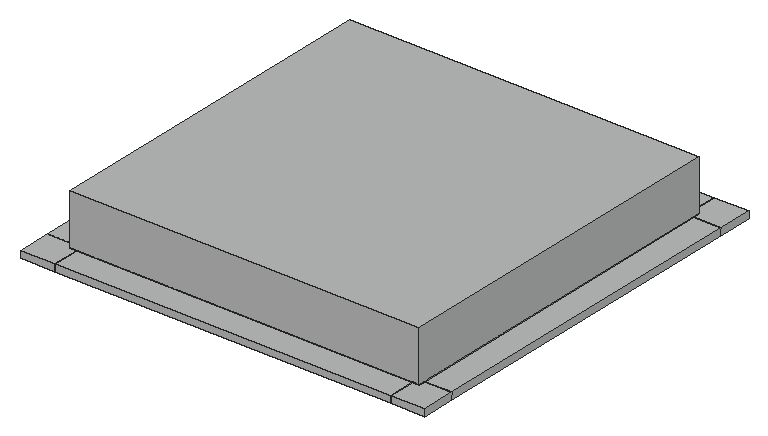
Revit family "ALUMOGIPS", category Осветительные приборы, Revit 2019 (continued)
Types (72, lengths in mm): name | Файл фотометрической сетки | built-in parameter 1150105 | Lumens | built-in parameter 1150106 | built-in parameter 1150142 | Wattage | Emit from Rectangle Width | Emit from Rectangle Length | Длина | Материал светильника | Ширина | ADSK_Ток | ADSK_Полная мощность | ADSK_Обозначение | ADSK_Номинальная мощность | ADSK_Наименование | ADSK_Масса | ADSK_Код изделия
  Alumogips-38/opal-sand 295х1195 (IP54, 4000К, белый) c БАП на 1 час | "Светильник ALUMOGIPS-38 OPAL-SAND-(295x1195).ies" | 302.39 (stored number, unit not read) | 3800 lm | 3.0239 (stored number, unit not read) | "IESNA:LM-63-1995\r\n[TEST] Протокол №334/16 от 03.11.2016г. Испытательная лаборатория Государственного предприятия \"ЦСОТ НАН Беларуси\"\r\n[MORE] FFFFFFFD255B12BA015C13F525FB5F2F2\r\n[DATA] 02.11.2016\r\n[MANUFAC] ЗАО \"Центрстройсвет\"\r\n[LUMCAT] Светильник ALUMOGIPS-38/OPAL-SAND-(295X1195)\r\n[LUMINAIRE] офисное освещение\r\n[LAMP] \r\nTILT=NONE\r\n1    -1.0   1.000 91 181 1 2   .295   1.195   0.04\r\n1.0  1.0   37.90\r\n0.0 2.0 4.0 6.0 8.0 10.0 12.0 14.0 16.0 18.0 20.0 22.0 24.0 26.0 28.0 30.0 32.0 34.0 36.0 38.0 40.0 42.0 44.0 46.0 48.0 50.0 52.0 54.0 56.0 58.0 60.0 62.0 64.0 66.0 68.0 70.0 72.0 74.0 76.0 78.0 80.0 82.0 84.0 86.0 88.0 90.0 92.0 94.0 96.0 98.0 100.0 102.0 104.0 106.0 108.0 110.0 112.0 114.0 116.0 118.0 120.0 122.0 124.0 126.0 128.0 130.0 132.0 134.0 136.0 138.0 140.0 142.0 144.0 146.0 148.0 150.0 152.0 154.0 156.0 158.0 160.0 162.0 164.0 166.0 168.0 170.0 172.0 174.0 176.0 178.0 180.0 \r\n0.0 2.0 4.0 6.0 8.0 10.0 12.0 14.0 16.0 18.0 20.0 22.0 24.0 26.0 28.0 30.0 32.0 34.0 36.0 38.0 40.0 42.0 44.0 46.0 48.0 50.0 52.0 54.0 56.0 58.0 60.0 62.0 64.0 66.0 68.0 70.0 72.0 74.0 76.0 78.0 80.0 82.0 84.0 86.0 88.0 90.0 92.0 94.0 96.0 98.0 100.0 102.0 104.0 106.0 108.0 110.0 112.0 114.0 116.0 118.0 120.0 122.0 124.0 126.0 128.0 130.0 132.0 134.0 136.0 138.0 140.0 142.0 144.0 146.0 148.0 150.0 152.0 154.0 156.0 158.0 160.0 162.0 164.0 166.0 168.0 170.0 172.0 174.0 176.0 178.0 180.0 182.0 184.0 186.0 188.0 190.0 192.0 194.0 196.0 198.0 200.0 202.0 204.0 206.0 208.0 210.0 212.0 214.0 216.0 218.0 220.0 222.0 224.0 226.0 228.0 230.0 232.0 234.0 236.0 238.0 240.0 242.0 244.0 246.0 248.0 250.0 252.0 254.0 256.0 258.0 260.0 262.0 264.0 266.0 268.0 270.0 272.0 274.0 276.0 278.0 280.0 282.0 284.0 286.0 288.0 290.0 292.0 294.0 296.0 298.0 300.0 302.0 304.0 306.0 308.0 310.0 312.0 314.0 316.0 318.0 320.0 322.0 324.0 326.0 328.0 330.0 332.0 334.0 336.0 338.0 340.0 342.0 344.0 346.0 348.0 350.0 352.0 354.0 356.0 358.0 360.0 \r\n1417.637 1416.354 1411.816 1405.303 1395.733 1384.288 1370.276 1353.307 1334.658 1313.741 1290.456 1264.901 1237.669 1208.563 1177.582 1144.923 1111.476 1076.252 \r\n1039.646 1001.857 963.476 923.417 883.260 842.018 801.072 758.644 716.317 673.693 630.576 587.064 543.749 500.435 457.614 414.891 371.972 330.137 289.191 248.836 209.765 171.778 \r\n133.693 99.653 67.389 36.901 9.077 0.592 0.592 0.592 0.493 0.493 0.493 0.493 0.493 0.493 0.493 0.493 0.395 0.395 0.395 0.395 0.395 0.395 0.395 0.296 0.296 0.296 0.296 0.296 0.296 0.296 0.296 0.197 \r\n0.197 0.197 0.197 0.197 0.197 0.197 0.197 0.098 0.098 0.098 0.098 0.098 0.098 0.098 0.098 0.000 0.000 0.000 0.000 \r\n1417.637 1416.453 1411.914 1405.402 1395.930 1384.583 1370.671 1353.701 1335.053 1314.234 1290.850 1265.395 1238.261 1209.155 1178.075 1145.515 1112.067 1076.844 \r\n1040.239 1002.548 964.167 924.207 883.951 842.708 801.762 759.336 717.008 674.383 631.267 587.755 544.441 501.126 458.206 415.385 372.465 330.631 289.585 249.231 210.160 172.172 \r\n134.088 99.949 67.685 37.198 9.275 0.592 0.592 0.592 0.493 0.493 0.493 0.493 0.493 0.493 0.493 0.493 0.395 0.395 0.395 0.395 0.395 0.395 0.395 0.296 0.296 0.296 0.296 0.296 0.296 0.296 0.296 0.197 \r\n0.197 0.197 0.197 0.197 0.197 0.197 0.197 0.098 0.098 0.098 0.098 0.098 0.098 0.098 0.098 0.000 0.000 0.000 0.000 \r\n1417.637 1416.453 1412.013 1405.600 1396.226 1384.781 1370.968 1354.095 1335.448 1314.629 1291.344 1265.888 1238.754 1209.648 1178.667 1146.206 1112.758 1077.534 \r\n1040.929 1003.140 964.857 924.898 884.740 843.400 802.453 760.026 717.698 674.976 631.859 588.446 545.032 501.718 458.798 415.977 373.057 331.124 290.079 249.625 210.553 172.567 \r\n134.383 100.245 67.883 37.394 9.472 0.592 0.592 0.592 0.493 0.493 0.493 0.493 0.493 0.493 0.493 0.493 0.395 0.395 0.395 0.395 0.395 0.395 0.395 0.296 0.296 0.296 0.296 0.296 0.296 0.296 0.296 0.197 \r\n0.197 0.197 0.197 0.197 0.197 0.197 0.197 0.098 0.098 0.098 0.098 0.098 0.098 0.098 0.098 0.000 0.000 0.000 0.000 \r\n1417.637 1416.551 1412.111 1405.796 1396.423 1385.077 1371.264 1354.391 1335.842 1315.024 1291.837 1266.382 1239.248 1210.240 1179.259 1146.798 1113.350 1078.126 \r\n1041.620 1003.831 965.548 925.588 885.431 844.090 803.143 760.717 718.389 675.666 632.549 589.038 545.723 502.310 459.390 416.569 373.550 331.617 290.474 250.119 210.948 172.863 \r\n134.679 100.541 68.178 37.591 9.669 0.592 0.592 0.592 0.493 0.493 0.493 0.493 0.493 0.493 0.493 0.493 0.395 0.395 0.395 0.395 0.395 0.395 0.395 0.296 0.296 0.296 0.296 0.296 0.296 0.296 0.296 0.197 \r\n0.197 0.197 0.197 0.197 0.197 0.197 0.197 0.098 0.098 0.098 0.098 0.098 0.098 0.098 0.098 0.000 0.000 0.000 0.000 \r\n1417.637 1416.551 1412.309 1405.895 1396.621 1385.373 1371.559 1354.786 1336.237 1315.419 1292.232 1266.875 1239.742 1210.733 1179.851 1147.390 1113.942 1078.816 \r\n1042.310 1004.521 966.238 926.279 886.121 844.879 803.834 761.408 719.080 676.357 633.240 589.728 546.315 502.902 459.982 417.062 374.043 332.110 290.967 250.513 211.343 173.258 \r\n135.074 100.837 68.376 37.888 9.965 0.592 0.592 0.592 0.493 0.493 0.493 0.493 0.493 0.493 0.493 0.493 0.395 0.395 0.395 0.395 0.395 0.395 0.395 0.296 0.296 0.296 0.296 0.296 0.296 0.296 0.296 0.197 \r\n0.197 0.197 0.197 0.197 0.197 0.197 0.197 0.098 0.098 0.098 0.098 0.098 0.098 0.098 0.098 0.000 0.000 0.000 0.000 \r\n1417.637 1416.650 1412.407 1406.093 1396.917 1385.669 1371.954 1355.181 1336.632 1315.912 1292.725 1267.368 1240.334 1211.325 1180.443 1147.982 1114.633 1079.409 \r\n1042.903 1005.212 966.929 926.969 886.812 845.569 804.524 762.098 719.770 677.048 633.832 590.320 546.907 503.494 460.574 417.654 374.636 332.603 291.460 250.908 211.738 173.653 \r\n135.371 101.133 68.671 38.086 10.163 0.592 0.592 0.592 0.493 0.493 0.493 0.493 0.493 0.493 0.493 0.493 0.395 0.395 0.395 0.395 0.395 0.395 0.395 0.296 0.296 0.296 0.296 0.296 0.296 0.296 0.296 0.197 \r\n0.197 0.197 0.197 0.197 0.197 0.197 0.197 0.098 0.098 0.098 0.098 0.098 0.098 0.098 0.098 0.000 0.000 0.000 0.000 \r\n1417.637 1416.650 1412.506 1406.191 1397.114 1385.866 1372.250 1355.576 1337.027 1316.307 1293.218 1267.861 1240.827 1211.918 1181.035 1148.672 1115.225 1080.099 \r\n1043.593 1005.902 967.620 927.660 887.503 846.260 805.215 762.789 720.461 677.739 634.523 591.011 547.598 504.086 461.166 418.247 375.129 333.098 291.855 251.401 212.132 173.948 \r\n135.666 101.429 68.968 38.381 10.360 0.592 0.592 0.592 0.493 0.493 0.493 0.493 0.493 0.493 0.493 0.493 0.395 0.395 0.395 0.395 0.395 0.395 0.395 0.296 0.296 0.296 0.296 0.296 0.296 0.296 0.296 0.197 \r\n0.197 0.197 0.197 0.197 0.197 0.197 0.197 0.098 0.098 0.098 0.098 0.098 0.098 0.098 0.098 0.000 0.000 0.000 0.000 \r\n1417.637 1416.650 1412.604 1406.389 1397.311 1386.162 1372.546 1355.871 1337.421 1316.701 1293.613 1268.355 1241.320 1212.411 1181.627 1149.265 1115.816 1080.691 \r\n1044.284 1006.593 968.212 928.351 888.194 846.951 805.906 763.479 721.151 678.429 635.213 591.702 548.190 504.777 461.758 418.740 375.721 333.591 292.348 251.796 212.527 174.343 \r\n135.962 101.627 69.165 38.579 10.557 0.592 0.592 0.592 0.493 0.493 0.493 0.493 0.493 0.493 0.493 0.395 0.395 0.395 0.395 0.395 0.395 0.395 0.395 0.296 0.296 0.296 0.296 0.296 0.296 0.296 0.296 0.197 \r\n0.197 0.197 0.197 0.197 0.197 0.197 0.197 0.098 0.098 0.098 0.098 0.098 0.098 0.098 0.098 0.000 0.000 0.000 0.000 \r\n1417.637 1416.749 1412.704 1406.586 1397.607 1386.458 1372.941 1356.266 1337.815 1317.095 1294.106 1268.848 1241.813 1213.003 1182.219 1149.856 1116.409 1081.382 \r\n1044.876 1007.283 968.902 929.042 888.885 847.642 806.597 764.170 721.843 679.120 635.806 592.293 548.881 505.368 462.351 419.332 376.214 334.084 292.841 252.191 212.922 174.738 \r\n136.357 101.922 69.461 38.776 10.853 0.592 0.592 0.592 0.493 0.493 0.493 0.493 0.493 0.493 0.493 0.395 0.395 0.395 0.395 0.395 0.395 0.395 0.395 0.296 0.296 0.296 0.296 0.296 0.296 0.296 0.296 0.197 \r\n0.197 0.197 0.197 0.197 0.197 0.197 0.197 0.098 0.098 0.098 0.098 0.098 0.098 0.098 0.098 0.000 0.000 0.000 0.000 \r\n1417.637 1416.749 1412.802 1406.684 1397.805 1386.754 1373.237 1356.661 1338.210 1317.589 1294.599 1269.341 1242.406 1213.496 1182.811 1150.448 1117.099 1081.974 \r\n1045.566 1007.974 969.593 929.732 889.575 848.333 807.287 764.861 722.533 679.712 636.496 592.985 549.472 505.960 462.942 419.825 376.707 334.577 293.236 252.684 213.317 175.034 \r\n136.652 102.218 69.659 39.072 11.051 0.592 0.592 0.592 0.493 0.493 0.493 0.493 0.493 0.493 0.493 0.395 0.395 0.395 0.395 0.395 0.395 0.395 0.395 0.296 0.296 0.296 0.296 0.296 0.296 0.296 0.296 0.197 \r\n0.197 0.197 0.197 0.197 0.197 0.197 0.197 0.098 0.098 0.098 0.098 0.098 0.098 0.098 0.098 0.000 0.000 0.000 0.000 \r\n1417.637 1416.848 1412.901 1406.882 1398.002 1387.051 1373.533 1356.957 1338.605 1317.983 1294.994 1269.834 1242.899 1214.089 1183.403 1151.041 1117.692 1082.665 \r\n1046.257 1008.566 970.284 930.423 890.266 849.121 807.978 765.552 723.224 680.403 637.187 593.675 550.163 506.553 463.534 420.416 377.300 335.071 293.729 253.079 213.712 175.429 \r\n136.949 102.515 69.954 39.269 11.248 0.592 0.592 0.592 0.493 0.493 0.493 0.493 0.493 0.493 0.493 0.395 0.395 0.395 0.395 0.395 0.395 0.395 0.395 0.296 0.296 0.296 0.296 0.296 0.296 0.296 0.296 0.197 \r\n0.197 0.197 0.197 0.197 0.197 0.197 0.197 0.098 0.098 0.098 0.098 0.098 0.098 0.098 0.098 0.000 0.000 0.000 0.000 \r\n1417.637 1416.848 1412.999 1407.079 1398.298 1387.247 1373.829 1357.352 1339.000 1318.378 1295.488 1270.327 1243.392 1214.680 1183.995 1151.731 1118.283 1083.257 \r\n1046.849 1009.257 970.975 931.113 891.055 849.813 808.668 766.242 723.914 681.093 637.779 594.266 550.755 507.145 464.126 421.009 377.793 335.564 294.222 253.474 214.105 175.823 \r\n137.343 102.810 70.250 39.467 11.445 0.592 0.592 0.592 0.493 0.493 0.493 0.493 0.493 0.493 0.493 0.395 0.395 0.395 0.395 0.395 0.395 0.395 0.395 0.296 0.296 0.296 0.296 0.296 0.296 0.296 0.296 0.197 \r\n0.197 0.197 0.197 0.197 0.197 0.197 0.197 0.098 0.098 0.098 0.098 0.098 0.098 0.098 0.098 0.000 0.000 0.000 0.000 \r\n1417.637 1416.946 1413.098 1407.178 1398.495 1387.544 1374.223 1357.747 1339.395 1318.773 1295.882 1270.822 1243.886 1215.174 1184.587 1152.323 1118.974 1083.848 \r\n1047.540 1009.947 971.665 931.903 891.746 850.503 809.359 766.933 724.507 681.784 638.470 594.958 551.445 507.836 464.718 421.502 378.287 336.057 294.617 253.967 214.500 176.119 \r\n137.640 103.106 70.447 39.762 11.741 0.592 0.592 0.592 0.493 0.493 0.493 0.493 0.493 0.493 0.493 0.395 0.395 0.395 0.395 0.395 0.395 0.395 0.395 0.296 0.296 0.296 0.296 0.296 0.296 0.296 0.296 0.197 \r\n0.197 0.197 0.197 0.197 0.197 0.197 0.197 0.098 0.098 0.098 0.098 0.098 0.098 0.098 0.098 0.000 0.000 0.000 0.000 \r\n1417.637 1416.946 1413.197 1407.376 1398.693 1387.839 1374.520 1358.042 1339.789 1319.168 1296.376 1271.315 1244.477 1215.765 1185.179 1152.915 1119.566 1084.539 \r\n1048.230 1010.638 972.356 932.594 892.436 851.194 810.050 767.623 725.197 682.474 639.160 595.649 552.038 508.427 465.310 422.094 378.878 336.550 295.111 254.362 214.895 176.514 \r\n137.935 103.403 70.744 39.960 11.939 0.592 0.592 0.592 0.493 0.493 0.493 0.493 0.493 0.493 0.493 0.395 0.395 0.395 0.395 0.395 0.395 0.395 0.395 0.296 0.296 0.296 0.296 0.296 0.296 0.296 0.296 0.197 \r\n0.197 0.197 0.197 0.197 0.197 0.197 0.197 0.098 0.098 0.098 0.098 0.098 0.098 0.098 0.098 0.000 0.000 0.000 0.000 \r\n1417.637 1417.044 1413.295 1407.474 1398.890 1388.135 1374.815 1358.437 1340.184 1319.661 1296.869 1271.808 1244.971 1216.258 1185.673 1153.507 1120.158 1085.131 \r\n1048.823 1011.329 973.046 933.284 893.127 851.884 810.741 768.314 725.888 683.165 639.752 596.240 552.728 509.019 465.902 422.686 379.371 337.044 295.505 254.757 215.388 176.909 \r\n138.232 103.698 70.942 40.157 12.136 0.592 0.592 0.592 0.493 0.493 0.493 0.493 0.493 0.493 0.493 0.395 0.395 0.395 0.395 0.395 0.395 0.395 0.395 0.296 0.296 0.296 0.296 0.296 0.296 0.296 0.296 0.197 \r\n0.197 0.197 0.197 0.197 0.197 0.197 0.197 0.098 0.098 0.098 0.098 0.098 0.098 0.098 0.098 0.000 0.000 0.000 0.000 \r\n1417.637 1417.044 1413.394 1407.671 1399.187 1388.333 1375.111 1358.832 1340.578 1320.056 1297.264 1272.301 1245.464 1216.851 1186.264 1154.099 1120.849 1085.822 \r\n1049.513 1012.020 973.737 933.975 893.818 852.575 811.432 769.004 726.578 683.855 640.443 596.930 553.321 509.611 466.494 423.180 379.964 337.537 295.999 255.250 215.783 177.304 \r\n138.626 103.994 71.237 40.453 12.333 0.592 0.592 0.592 0.493 0.493 0.493 0.493 0.493 0.493 0.493 0.395 0.395 0.395 0.395 0.395 0.395 0.395 0.395 0.296 0.296 0.296 0.296 0.296 0.296 0.296 0.296 0.197 \r\n0.197 0.197 0.197 0.197 0.197 0.197 0.197 0.098 0.098 0.098 0.098 0.098 0.098 0.098 0.098 0.000 0.000 0.000 0.000 \r\n1417.637 1417.143 1413.492 1407.869 1399.383 1388.629 1375.506 1359.226 1340.973 1320.451 1297.757 1272.795 1246.056 1217.443 1186.856 1154.790 1121.441 1086.414 \r\n1050.204 1012.711 974.428 934.665 894.508 853.365 812.122 769.695 727.269 684.448 641.134 597.523 554.011 510.203 467.086 423.772 380.457 338.031 296.492 255.645 216.178 177.599 \r\n138.922 104.291 71.533 40.650 12.629 0.592 0.592 0.592 0.493 0.493 0.493 0.493 0.493 0.493 0.493 0.395 0.395 0.395 0.395 0.395 0.395 0.395 0.395 0.296 0.296 0.296 0.296 0.296 0.296 0.296 0.296 0.197 \r\n0.197 0.197 0.197 0.197 0.197 0.197 0.197 0.098 0.098 0.098 0.098 0.098 0.098 0.098 0.098 0.000 0.000 0.000 0.000 \r\n1417.637 1417.143 1413.592 1407.967 1399.580 1388.925 1375.803 1359.523 1341.367 1320.845 1298.250 1273.288 1246.550 1217.936 1187.448 1155.382 1122.032 1087.105 \r\n1050.894 1013.401 975.119 935.356 895.199 854.055 812.813 770.386 727.959 685.138 641.725 598.213 554.603 510.795 467.678 424.265 380.951 338.524 296.887 256.038 216.573 177.994 \r\n139.218 104.586 71.730 40.848 12.826 0.592 0.592 0.493 0.493 0.493 0.493 0.493 0.493 0.493 0.493 0.395 0.395 0.395 0.395 0.395 0.395 0.395 0.395 0.296 0.296 0.296 0.296 0.296 0.296 0.296 0.296 0.197 \r\n0.197 0.197 0.197 0.197 0.197 0.197 0.197 0.098 0.098 0.098 0.098 0.098 0.098 0.098 0.098 0.000 0.000 0.000 0.000 \r\n1417.637 1417.242 1413.690 1408.165 1399.877 1389.220 1376.098 1359.917 1341.762 1321.339 1298.645 1273.781 1247.043 1218.528 1188.041 1155.974 1122.723 1087.697 \r\n1051.487 1013.993 975.810 936.046 895.889 854.746 813.503 771.077 728.650 685.829 642.416 598.904 555.294 511.486 468.270 424.857 381.542 339.018 297.380 256.533 216.967 178.389 \r\n139.613 104.882 72.026 41.143 13.024 0.592 0.592 0.493 0.493 0.493 0.493 0.493 0.493 0.493 0.493 0.395 0.395 0.395 0.395 0.395 0.395 0.395 0.395 0.296 0.296 0.296 0.296 0.296 0.296 0.296 0.296 0.197 \r\n0.197 0.197 0.197 0.197 0.197 0.197 0.197 0.098 0.098 0.098 0.098 0.098 0.098 0.098 0.098 0.000 0.000 0.000 0.000 \r\n1417.637 1417.242 1413.789 1408.362 1400.075 1389.517 1376.394 1360.311 1342.157 1321.733 1299.138 1274.274 1247.536 1219.022 1188.632 1156.566 1123.315 1088.388 \r\n1052.177 1014.684 976.500 936.738 896.581 855.436 814.194 771.768 729.341 686.519 643.107 599.496 555.885 512.078 468.862 425.449 382.035 339.511 297.873 256.926 217.362 178.685 \r\n139.909 105.079 72.223 41.341 13.221 0.592 0.592 0.493 0.493 0.493 0.493 0.493 0.493 0.493 0.493 0.395 0.395 0.395 0.395 0.395 0.395 0.395 0.395 0.296 0.296 0.296 0.296 0.296 0.296 0.296 0.296 0.197 \r\n0.197 0.197 0.197 0.197 0.197 0.197 0.197 0.098 0.098 0.098 0.098 0.098 0.098 0.098 0.098 0.000 0.000 0.000 0.000 \r\n1417.637 1417.341 1413.986 1408.461 1400.271 1389.715 1376.789 1360.608 1342.552 1322.128 1299.632 1274.768 1248.128 1219.614 1189.224 1157.256 1123.907 1088.980 \r\n1052.868 1015.374 977.191 937.428 897.369 856.127 814.884 772.458 730.032 687.211 643.698 600.187 556.577 512.670 469.454 425.942 382.529 340.004 298.268 257.321 217.756 179.080 \r\n140.204 105.376 72.520 41.538 13.517 0.592 0.592 0.493 0.493 0.493 0.493 0.493 0.4
